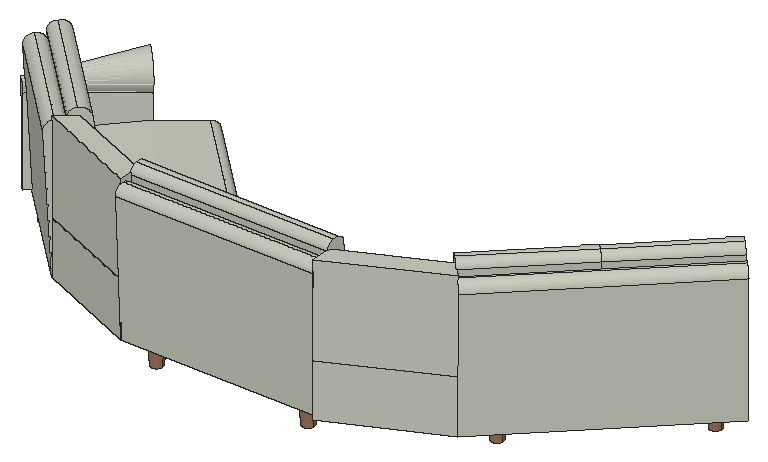
Revit family "Amalfi_9042", category Мебель, Revit 2017
Family settings
  Номер OmniClass = 23.40.20.00
  Заголовок OmniClass = General Furniture and Specialties
  На основе рабочей плоскости = Нет
  Всегда вертикально = Да
  При загрузке вырезать с полостями = Нет
  Общий = Нет
  Точка расчета площади = Нет
Parameters
  Legs = none
  Color = Leather
Reference planes (in)
  plane 1 "Center Front/Back": y = 0
  plane 2: z = 0
  plane 3 "Center Left/Right": x = 0
Forms (in)
  Extrusion 1, solid, material "Leather" <- "Color"
    sketch origin (37.27702, 27.1884, 0) x (-0.707107, -0.707107, 0) y (0, 0, -1)
      loop
        line (65.19193, -5) -> (28.03366, -5)
        arc (28.03366, -5) -> (26.59564, -5.59564) -> (26, -7.03366) r 2.03366
        line (26, -7.03366) -> (26, -10.96634)
        arc (26, -10.96634) -> (26.59564, -12.40436) -> (28.03366, -13) r 2.03366
        line (28.03366, -13) -> (58.95198, -13) -> (61.70638, -39.20638)
        arc (61.70638, -39.20638) -> (62.52461, -41.18177) -> (64.5, -42) r 2.79362
        arc (64.5, -42) -> (66.26777, -41.26777) -> (67, -39.5) r 2.5
        line (67, -39.5) -> (65.19193, -5)
    from 0 to -37
  Extrusion 2, solid, material "Leather" <- "Color"
    sketch origin (-0.98741, -11.07603, 21.88593) x (0, 0, -1) y (-0.707107, -0.707107, 0)
      loop
        arc (2.88593, -26.08042) -> (3.87782, -27.82698) -> (5.88593, -27.86981) r 2.03366
        arc (5.88593, -27.86981) -> (7.89403, -27.82698) -> (8.88593, -26.08042) r 2.03366
        line (8.88593, -26.08042) -> (8.88593, 2.88593)
        arc (8.88593, 2.88593) -> (7.92368, 4.69475) -> (5.88593, 4.90766) r 2.18123
        arc (5.88593, 4.90766) -> (3.84817, 4.69475) -> (2.88593, 2.88593) r 2.18123
        arc (2.88593, 2.88593) -> (2.24279, 4.7021) -> (0.60002, 5.70879) r 2.88593
        line (0.60002, 5.70879) -> (-20.67719, 7.94511)
        arc (-20.67719, 7.94511) -> (-22.17944, 7.28869) -> (-22.71834, 5.74039) r 2.04722
        arc (-22.71834, 5.74039) -> (-22.5738, 4.00867) -> (-21.32585, 2.79938) r 2.47351
        arc (-21.32585, 2.79938) -> (-10.7331, 0.86848) -> (-0.04981, -0.47388) r 194.69385
        arc (-0.04981, -0.47388) -> (1.1888, -1.06263) -> (2.46617, -0.56354) r 1.72782
        arc (2.46617, -0.56354) -> (1.90264, -13.3347) -> (2.88593, -26.08042) r 105.63479
    from 0 to 37
  SweptBlend 3, solid, material "Leather" <- "Color"
    path in 3D
      loop
        line (-19.55674, 27.22466, 0) -> (-38.53414, 8.24726, 0)
    profile origin (-19.55674, 27.22466, 0) x (0.707107, -0.707107, 0) y (0, 0, 1)
      loop
        line (0, 25.0529) -> (0, 5.08167) -> (3.21318, 5.08167) -> (3.21318, 26.22044)
        spline (3.21318, 26.22044) -> (4.59072, 28.06753) -> (4.99159, 30.33555) -> (4.3305, 32.54198) -> (2.7481, 34.2174) -> (0.58104, 35.00536) -> (-1.70964, 34.73824) -> (-3.63659, 33.47285) -> (-4.78985, 31.47841) -> (-4.92408, 29.17924) -> (-4.01071, 27.06447) -> (-2.24407, 25.58404) -> (0, 25.0529)
    end profile origin (-38.53414, 8.24726, 0) x (0.707107, -0.707107, 0) y (0, 0, 1)
      loop
        spline (3.21318, 27.96916) -> (2.93279, 28.9454) -> (2.28395, 29.72746) -> (1.37554, 30.18409) -> (0.36001, 30.23868) -> (-0.59222, 29.88205) -> (-1.32137, 29.17406) -> (-1.70508, 28.23352) -> (-1.67894, 27.21825) -> (-1.24736, 26.29863) -> (-0.48275, 25.62898) -> (0.48657, 25.32168) -> (1.49795, 25.42829)
        line (1.49795, 25.42829) -> (1.49795, 4.87751) -> (3.21318, 5) -> (3.21318, 27.96916)
  Blend 4, solid, material "Wood" <- "Legs"
    base sketch origin (-31.95017, 41.47782, 0) x (1, 0, 0) y (0, 1, 0)
      loop
        circle (22.88782, -15) r 1.5
    top sketch origin (-55.88337, 60.44416, 6) x (-1, 0, 0) y (0, -1, 0)
      loop
        circle (-46.82102, 33.96634) r 2
    from 0 to 1
  Blend 5, solid, material "Wood" <- "Legs"
    base sketch origin (-13.94073, 23.46838, 0) x (1, 0, 0) y (0, 1, 0)
      loop
        circle (22.88782, -15) r 1.5
    top sketch origin (-37.87392, 42.43472, 6) x (-1, 0, 0) y (0, -1, 0)
      loop
        circle (-46.82102, 33.96634) r 2
    from 0 to 1
  Blend 6, solid, material "Wood" <- "Legs"
    base sketch origin (-33.94073, 3.46838, 0) x (1, 0, 0) y (0, 1, 0)
      loop
        circle (22.88782, -15) r 1.5
    top sketch origin (-57.87392, 22.43472, 6) x (-1, 0, 0) y (0, -1, 0)
      loop
        circle (-46.82102, 33.96634) r 2
    from 0 to 1
  Blend 7, solid, material "Wood" <- "Legs"
    base sketch origin (-53.11062, 20.81736, 0) x (1, 0, 0) y (0, 1, 0)
      loop
        circle (22.88782, -15) r 1.5
    top sketch origin (-77.04382, 39.7837, 6) x (-1, 0, 0) y (0, -1, 0)
      loop
        circle (-46.82102, 33.96634) r 2
    from 0 to 1
  Extrusion 8, solid, material "Leather" <- "Color"
    sketch origin (-8.82063, -18.90926, 5) x (0.707107, -0.707107, 0) y (-0.707107, -0.707107, 0)
      loop
        line (0, 0) -> (0, -39.00254) -> (27.68174, -11.3208) -> (0, 0)
    from 0 to -14
  Extrusion 9, solid, material "Leather" <- "Color"
    sketch origin (98.4712, -19.00024, 5) x (-0.707107, 0.707107, 0) y (0, 0, 1)
      loop
        arc (11.55174, 16.93573) -> (10.20938, 27.61903) -> (8.27848, 38.21178) r 194.69385
        arc (8.27848, 38.21178) -> (7.06919, 39.45972) -> (5.33747, 39.60427) r 2.47351
        arc (5.33747, 39.60427) -> (3.78916, 39.06537) -> (3.13275, 37.56311) r 2.04722
        line (3.13275, 37.56311) -> (5.36907, 16.28591)
        arc (5.36907, 16.28591) -> (6.37576, 14.64314) -> (8.19193, 14) r 2.88593
        arc (8.19193, 14) -> (6.38311, 13.03775) -> (6.1702, 11) r 2.18123
        arc (6.1702, 11) -> (6.38311, 8.96225) -> (8.19193, 8) r 2.18123
        line (8.19193, 8) -> (37.15827, 8)
        arc (37.15827, 8) -> (38.90484, 8.99189) -> (38.94767, 11) r 2.03366
        arc (38.94767, 11) -> (38.90484, 13.00811) -> (37.15827, 14) r 2.03366
        arc (37.15827, 14) -> (24.41256, 14.98329) -> (11.6414, 14.41975) r 105.63479
        arc (11.6414, 14.41975) -> (12.14048, 15.69713) -> (11.55174, 16.93573) r 1.72782
    from 0 to 30
  Extrusion 10, solid, material "Leather" <- "Color"
    sketch origin (98.4712, -19.00024, 5) x (-0.707107, 0.707107, 0) y (0, 0, 1)
      loop
        arc (3.48555, 34.20638) -> (2.66732, 36.18177) -> (0.69193, 37) r 2.79362
        arc (0.69193, 37) -> (-1.07584, 36.26777) -> (-1.80807, 34.5) r 2.5
        line (-1.80807, 34.5) -> (0, 0) -> (37.15827, 0)
        arc (37.15827, 0) -> (38.59629, 0.59564) -> (39.19193, 2.03366) r 2.03366
        line (39.19193, 2.03366) -> (39.19193, 5.96634)
        arc (39.19193, 5.96634) -> (38.59629, 7.40436) -> (37.15827, 8) r 2.03366
        line (37.15827, 8) -> (6.23995, 8) -> (3.48555, 34.20638)
    from 0 to 60
  Extrusion 11, solid, material "Leather" <- "Color"
    sketch origin (119.68441, 2.21296, 5) x (-0.707107, 0.707107, 0) y (0, 0, 1)
      loop
        arc (11.55174, 16.93573) -> (10.20938, 27.61903) -> (8.27848, 38.21178) r 194.69385
        arc (8.27848, 38.21178) -> (7.06919, 39.45972) -> (5.33747, 39.60427) r 2.47351
        arc (5.33747, 39.60427) -> (3.78916, 39.06537) -> (3.13275, 37.56311) r 2.04722
        line (3.13275, 37.56311) -> (5.36907, 16.28591)
        arc (5.36907, 16.28591) -> (6.37576, 14.64314) -> (8.19193, 14) r 2.88593
        arc (8.19193, 14) -> (6.38311, 13.03775) -> (6.1702, 11) r 2.18123
        arc (6.1702, 11) -> (6.38311, 8.96225) -> (8.19193, 8) r 2.18123
        line (8.19193, 8) -> (37.15827, 8)
        arc (37.15827, 8) -> (38.90484, 8.99189) -> (38.94767, 11) r 2.03366
        arc (38.94767, 11) -> (38.90484, 13.00811) -> (37.15827, 14) r 2.03366
        arc (37.15827, 14) -> (24.41256, 14.98329) -> (11.6414, 14.41975) r 105.63479
        arc (11.6414, 14.41975) -> (12.14048, 15.69713) -> (11.55174, 16.93573) r 1.72782
    from 0 to 30
  Extrusion 12, solid, material "Leather" <- "Color"
    sketch origin (98.4712, -19.00024, 5) x (0.707107, 0.707107, 0) y (0.707107, -0.707107, 0)
      loop
        line (-28.96794, -10.12952) -> (0, -39.09746) -> (0, 0) -> (-28.96794, -10.12952)
    from 0 to -14
  Blend 13, solid, material "Wood" <- "Legs"
    base sketch origin (91.73492, 56.5, 0) x (1, 0, 0) y (0, 1, 0)
      loop
        circle (22.88782, -15) r 1.5
    top sketch origin (67.80172, 75.46634, 6) x (-1, 0, 0) y (0, -1, 0)
      loop
        circle (-46.82102, 33.96634) r 2
    from 0 to 1
  Blend 14, solid, material "Wood" <- "Legs"
    base sketch origin (109.11218, 39.12274, 0) x (1, 0, 0) y (0, 1, 0)
      loop
        circle (22.88782, -15) r 1.5
    top sketch origin (85.17898, 58.08909, 6) x (-1, 0, 0) y (0, -1, 0)
      loop
        circle (-46.82102, 33.96634) r 2
    from 0 to 1
  Blend 15, solid, material "Wood" <- "Legs"
    base sketch origin (77.11218, 7.12274, 0) x (1, 0, 0) y (0, 1, 0)
      loop
        circle (22.88782, -15) r 1.5
    top sketch origin (53.17898, 26.08909, 6) x (-1, 0, 0) y (0, -1, 0)
      loop
        circle (-46.82102, 33.96634) r 2
    from 0 to 1
  Blend 16, solid, material "Wood" <- "Legs"
    base sketch origin (58.61218, 23.37726, 0) x (1, 0, 0) y (0, 1, 0)
      loop
        circle (22.88782, -15) r 1.5
    top sketch origin (34.67898, 42.3436, 6) x (-1, 0, 0) y (0, -1, 0)
      loop
        circle (-46.82102, 33.96634) r 2
    from 0 to 1
  Extrusion 17, solid, material "Leather" <- "Color"
    sketch origin (-8.82063, -18.90926, 19) x (0.707107, -0.707107, 0) y (0.707107, 0.707107, 0)
      loop
        line (0, 5.69193) -> (0, 0) -> (27.68174, 11.3208) -> (23.64194, 15.3606) -> (0, 5.69193)
    from 0 to 24
  Extrusion 18, solid, material "Leather" <- "Color"
    sketch origin (-8.82063, -18.90926, 19) x (0.707107, -0.707107, 0) y (0.707107, 0.707107, 0)
      loop
        line (61.77912, 50.85699) -> (65.80161, 46.83451) -> (75.93112, 75.80245) -> (70.50206, 75.80245) -> (61.77912, 50.85699)
    from 0 to 24
Lines and regions (in)
  model lines
    curve 1: arc (18.75832, -18.92756, 21.93573) -> (18.75832, -20.26991, 32.61903) -> (18.75832, -22.20082, 43.21178) r 194.69385
    curve 2: arc (18.75832, 6.67898, 19) -> (18.75832, -7.80419, 19.99758) -> (18.75832, -22.28736, 19) r 105.63479
    curve 3: arc (18.75832, 6.67898, 13) -> (18.75832, 8.42554, 13.99189) -> (18.75832, 8.46838, 16) r 2.03366
    curve 4: arc (18.75832, -20.98405, 19.17214) -> (18.75832, -18.67939, 19.6041) -> (18.75832, -18.92756, 21.93573) r 1.72782
    curve 5: arc (18.75832, -25.11022, 21.28591) -> (18.75832, -24.10353, 19.64314) -> (18.75832, -22.28736, 19) r 2.88593
    curve 6: line (18.75832, -25.11022, 21.28591) -> (18.75832, -27.34655, 42.56311)
    curve 7: arc (18.75832, -25.14183, 44.60427) -> (18.75832, -26.69013, 44.06537) -> (18.75832, -27.34655, 42.56311) r 2.04722
    curve 8: line (18.75832, -24.23934, 13) -> (18.75832, 6.67898, 13)
    curve 9: arc (18.75832, -24.3091, 16) -> (18.75832, -24.09619, 13.96225) -> (18.75832, -22.28736, 13) r 2.18123
    curve 10: line (-34.98359, 7.25369, 5) -> (-36.1919, 8.47108, 4.87751)
    curve 11: line (-36.1919, 8.47108, 4.87751) -> (-36.95347, 7.70951, 25.42829)
    curve 12: arc (-18.06804, 24.16924, 26.22044) -> (-21.86465, 27.33454, 34.73824) -> (-20.29684, 26.48457, 25.0529) r 5
    curve 13: arc (-35.83477, 6.4025, 27.96916) -> (-39.08584, 9.56427, 29.17406) -> (-36.95347, 7.70951, 25.42829) r 2.48262
    curve 14: line (-18.06804, 24.16924, 26.22044) -> (-17.28468, 24.9526, 5.08167)
    curve 15: line (-20.29684, 26.48457, 25.0529) -> (-19.55674, 27.22466, 5.08167)
    curve 16: line (-19.55674, 27.22466, 5.08167) -> (-17.28468, 24.9526, 5.08167)
    curve 17: line (-34.98661, 7.25067, 5.08167) -> (-35.83477, 6.4025, 27.96916)
    curve 18: line (-17.28468, 24.9526, 5.08167) -> (-34.98661, 7.25067, 5.08167)
    curve 20: line (-8.82063, -18.90926, 5) -> (18.76095, -30.47929, 5)
    curve 21: line (114.62274, 49.70103, 5) -> (72.03356, 7.11185, 5)
    curve 22: line (140.89761, 23.42616, 5) -> (114.62274, 49.70103, 5)
    curve 23: line (117.46922, 4.42815, 42.56311) -> (115.8879, 6.00947, 21.28591)
    curve 24: arc (111.5161, 10.38127, 21.93573) -> (112.46529, 9.43208, 32.61903) -> (113.83064, 8.06673, 43.21178) r 194.69385
    curve 25: arc (93.40954, 28.48783, 19) -> (102.42212, 19.47525, 19.98329) -> (111.4527, 10.44467, 19.41975) r 105.63479
    curve 26: line (113.89184, 8.00553, 13) -> (93.40954, 28.48783, 13)
    curve 27: arc (93.40954, 28.48783, 13) -> (92.17453, 29.72284, 13.99189) -> (92.14425, 29.75312, 16) r 2.03366
    curve 28: arc (92.14425, 29.75312, 16) -> (92.17453, 29.72284, 18.00811) -> (93.40954, 28.48783, 19) r 2.03366
    curve 29: arc (113.89184, 8.00553, 19) -> (115.17087, 6.7265, 18.03775) -> (115.32142, 6.57595, 16) r 2.18123
    curve 30: arc (115.32142, 6.57595, 16) -> (115.17087, 6.7265, 13.96225) -> (113.89184, 8.00553, 13) r 2.18123
    curve 31: arc (111.4527, 10.44467, 19.41975) -> (111.09979, 10.79758, 20.69713) -> (111.5161, 10.38127, 21.93573) r 1.72782
    curve 32: arc (115.8879, 6.00947, 21.28591) -> (115.17607, 6.7213, 19.64314) -> (113.89184, 8.00553, 19) r 2.88593
    curve 33: arc (115.91025, 5.98712, 44.60427) -> (117.00507, 4.8923, 44.06537) -> (117.46922, 4.42815, 42.56311) r 2.04722
    curve 34: arc (113.83064, 8.06673, 43.21178) -> (114.68574, 7.21163, 44.45972) -> (115.91025, 5.98712, 44.60427) r 2.47351
    curve 35: line (-4.79583, -14.88445, 19) -> (22.86872, -26.48929, 19)
    curve 36: line (94.63228, -15.16132, 19) -> (70.82513, -26.63237, 19)
  sketch lines
    curve 19: line (-19.55674, 27.22466, 0) -> (-38.53414, 8.24726, 0)
Nested families (in)
  nested 1: "Armless loveseat" at (42.75832, -12.28736, 0), type "Armless loveseat"
Definition of nested family "Armless loveseat"
  Parameters
    Tan = none
    Model = "525900907"
    Manufacturer = "Havertys"
    Legs = none
  Reference planes (in)
    plane 1 "Center Front/Back": y = 0
    plane 2: z = 0
    plane 3 "Center Left/Right": x = 0
  Forms (in)
    Blend 1, solid, material <- "Legs"
      base sketch origin (0, 0, 0) x (1, 0, 0) y (0, 1, 0)
        loop
          circle (22.88782, -15) r 1.5
      top sketch origin (-23.9332, 18.96634, 6) x (-1, 0, 0) y (0, -1, 0)
        loop
          circle (-46.82102, 33.96634) r 2
      from 0 to 1
    Blend 2, solid, material <- "Legs"
      base sketch origin (0, 30, 0) x (1, 0, 0) y (0, 1, 0)
        loop
          circle (22.88782, -15) r 1.5
      top sketch origin (-23.9332, 48.96634, 6) x (-1, 0, 0) y (0, -1, 0)
        loop
          circle (-46.82102, 33.96634) r 2
      from 0 to 1
    Extrusion 3, solid, material <- "Tan"
      sketch origin (0, 0, 0) x (0, 1, 0) y (0, 0, 1)
        loop
          line (-20, 39.5) -> (-18.19193, 5) -> (18.96634, 5)
          arc (18.96634, 5) -> (20.40436, 5.59564) -> (21, 7.03366) r 2.03366
          line (21, 7.03366) -> (21, 10.96634)
          arc (21, 10.96634) -> (20.40436, 12.40436) -> (18.96634, 13) r 2.03366
          line (18.96634, 13) -> (-11.95198, 13) -> (-14.70638, 39.20638)
          arc (-14.70638, 39.20638) -> (-15.52461, 41.18177) -> (-17.5, 42) r 2.79362
          arc (-17.5, 42) -> (-19.26777, 41.26777) -> (-20, 39.5) r 2.5
      from -24 to 28
    Extrusion 4, solid, material <- "Tan"
      sketch origin (0, 0, 0) x (0, 1, 0) y (0, 0, 1)
        loop
          line (-15.05919, 42.56311) -> (-12.82286, 21.28591)
          arc (-12.82286, 21.28591) -> (-11.81617, 19.64314) -> (-10, 19) r 2.88593
          arc (-10, 19) -> (-9.34861, 19.0881) -> (-8.69669, 19.17214) r 105.63479
          arc (-8.69669, 19.17214) -> (-6.39203, 19.6041) -> (-6.6402, 21.93573) r 1.72782
          arc (-6.6402, 21.93573) -> (-7.98255, 32.61903) -> (-9.91345, 43.21178) r 194.69385
          arc (-9.91345, 43.21178) -> (-11.12274, 44.45972) -> (-12.85446, 44.60427) r 2.47351
          arc (-12.85446, 44.60427) -> (-14.40277, 44.06537) -> (-15.05919, 42.56311) r 2.04722
      from -24 to 28
    Extrusion 5, solid, material <- "Tan"
      sketch origin (0, 0, 0) x (0, 1, 0) y (0, 0, 1)
        loop
          line (-10, 13) -> (18.96634, 13)
          arc (18.96634, 13) -> (20.71291, 13.99189) -> (20.75574, 16) r 2.03366
          arc (20.75574, 16) -> (20.71291, 18.00811) -> (18.96634, 19) r 2.03366
          arc (18.96634, 19) -> (4.48317, 19.99758) -> (-10, 19) r 105.63479
          arc (-10, 19) -> (-11.80883, 18.03775) -> (-12.02173, 16) r 2.18123
          arc (-12.02173, 16) -> (-11.80883, 13.96225) -> (-10, 13) r 2.18123
      from -24 to 28
    Blend 6, solid, material <- "Legs"
      base sketch origin (-40, 0, 0) x (1, 0, 0) y (0, 1, 0)
        loop
          circle (22.88782, -15) r 1.5
      top sketch origin (-63.9332, 18.96634, 6) x (-1, 0, 0) y (0, -1, 0)
        loop
          circle (-46.82102, 33.96634) r 2
      from 0 to 1
    Blend 7, solid, material <- "Legs"
      base sketch origin (-41, 30, 0) x (1, 0, 0) y (0, 1, 0)
        loop
          circle (22.88782, -15) r 1.5
      top sketch origin (-64.9332, 48.96634, 6) x (-1, 0, 0) y (0, -1, 0)
        loop
          circle (-46.82102, 33.96634) r 2
      from 0 to 1
  Lines and regions (in)
    model lines
      curve 1: line (-23.9332, -20.03366, 0) -> (28.0668, -20.03366, 0)
      curve 2: line (-23.9332, 18.96634, 0) -> (-23.9332, -20.03366, 0)
      curve 3: line (28.0668, 18.96634, 0) -> (-23.9332, 18.96634, 0)
      curve 4: line (28.0668, -20.03366, 0) -> (28.0668, 18.96634, 0)
      curve 5: line (-23.9332, -20.03366, 0) -> (-23.9332, 18.96634, 0)
      curve 6: circle (22.88782, -15, 6) r 2 normal (0, 0, -1)
      curve 7: circle (22.88782, -15, 0) r 1.5 normal (0, 0, 1)
      curve 8: line (0, -18.19193, 5) -> (0, 18.96634, 5)
      curve 9: arc (0, 18.96634, 5) -> (0, 20.40436, 5.59564) -> (0, 21, 7.03366) r 2.03366
      curve 10: line (0, -11.95198, 13) -> (0, 18.96634, 13)
      curve 11: arc (0, 18.96634, 13) -> (0, 20.40436, 12.40436) -> (0, 21, 10.96634) r 2.03366
      curve 12: line (0, 21, 10.96634) -> (0, 21, 7.03366)
      curve 13: line (0, -14.70638, 39.20638) -> (0, -11.95198, 13)
      curve 14: arc (0, -17.5, 42) -> (0, -15.52461, 41.18177) -> (0, -14.70638, 39.20638) r 2.79362
      curve 15: arc (0, -17.5, 42) -> (0, -19.26777, 41.26777) -> (0, -20, 39.5) r 2.5
      curve 16: line (0, -20, 39.5) -> (0, -18.19193, 5)
      curve 17: arc (0, 18.96634, 19) -> (0, 20.40436, 18.40436) -> (0, 21, 16.96634) r 2.03366
      curve 18: line (0, 21, 16.96634) -> (0, 21, 15.03366)
      curve 19: arc (0, 18.96634, 13) -> (0, 20.40436, 13.59564) -> (0, 21, 15.03366) r 2.03366
      curve 20: arc (0, -10, 13) -> (0, -11.54237, 13.63887) -> (0, -12.18123, 15.18123) r 2.18123
      curve 21: line (0, -12.18123, 15.18123) -> (0, -12.18123, 16.81877)
      curve 22: arc (0, -10, 19) -> (0, -11.54237, 18.36113) -> (0, -12.18123, 16.81877) r 2.18123
      curve 23: line (0, -13.4376, 44.5656) -> (0, -12.18123, 44.69765)
      curve 24: line (0, -15.05919, 42.56311) -> (0, -12.82286, 21.28591)
      curve 25: arc (0, -10, 19) -> (0, -11.81617, 19.64314) -> (0, -12.82286, 21.28591) r 2.88593
      curve 26: arc (0, -6.6402, 21.93573) -> (0, -6.28184, 19.77168) -> (0, -8.33514, 19) r 1.72782
      curve 27: arc (0, -6.6402, 21.93573) -> (0, -7.98255, 32.61903) -> (0, -9.91345, 43.21178) r 194.69385
      curve 28: arc (0, -10, 19) -> (0, 4.48317, 19.99758) -> (0, 18.96634, 19) r 105.63479
      curve 29: arc (0, -12.69551, 44.6436) -> (0, -11.04932, 44.42346) -> (0, -9.91345, 43.21178) r 2.47351
      curve 30: arc (0, -13.4376, 44.5656) -> (0, -14.60295, 43.85147) -> (0, -15.05919, 42.56311) r 2.04722
